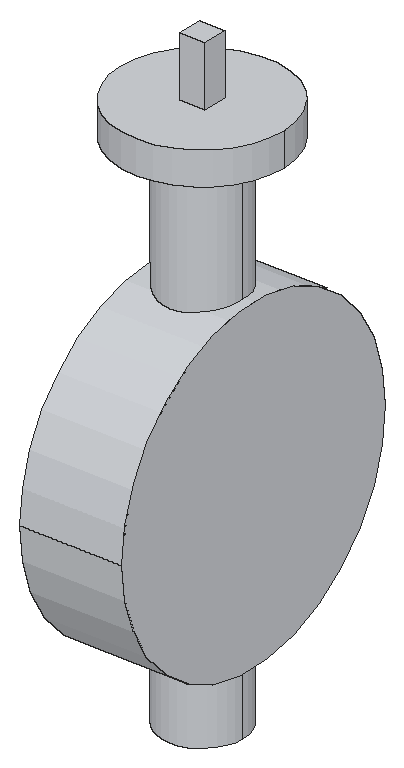
Revit family "HS497-67_disk-litina-volné vřeteno DN125-RFA_2018", category Pipe Accessories, Revit 2018
Family settings
  Round Connector Dimension = Use Diameter
  Part Type = Valve - Breaks Into
  Work Plane-Based = No
  Always vertical = Yes
  Cut with Voids When Loaded = No
  Shared = No
Parameters (values of type "HS 497-67_DN125_PN16_volné vřeteno")
  magiProductId = "0d813d910fc14f628bb3c2efbd185c"
  magiProductFamilyId = "53cea81e6f374d17b8841d9c72ad77"
  magiPartTypeId = 305
  isMeasuringValve [instance] = no
  ang2D [instance] = 0.00°
  X11 = 61.456 mm
  X1 = 25.456 mm
  W2D = 1000 mm
  VersionID = "2.0/2017.9.26.1/ZETKAMA_497_001"
  Use Minimum Symbol Size [instance] = yes
  URL = "http://www.hydronic.cz"
  Type Comments = "mezipřírubová; litinový disk; PN16; -10~+110°C (krátkodobě +120°C)"
  SW30 = no
  SW3 = no
  SW21 = no
  SW20 = no
  SW2 = no
  SW1 = yes
  R = 62.5 mm
  QmdConnectorList = "301;D;302;D"
  Productdata [instance] = ""
  NC = 50 mm
  Model = ""
  Manufacturer = "Hydronic Systems Prague s.r.o."
  MM20 = 25.456 mm
  MC Product Code = "123 125 (litinový disk, s volným vřetenem; DN125; PN16, kvs872)"
  M41 = 66 mm
  M4 = 44 mm
  LHL = 220 mm
  LHH3 = 2.45 mm
  LHH1 = 46.55 mm
  LH1 = 73.333 mm
  L4R__ve = -L4R  # -12.8 mm
  L4R = 12.8 mm
  L42__ve = -L42  # -96 mm
  L42 = 96 mm
  L41__ve = -L41  # -19.2 mm
  L41 = 19.2 mm
  L2D_Min = 3048 mm
  L2D = 216 mm
  L2 = 28 mm
  L1 = 44.8 mm
  L = 56 mm
  H = 33 mm
  G22 = 11.25 mm
  G2 = 22.5 mm
  G1 = 90 mm
  G = 90 mm
  F = 14 mm
  E44 = 31.25 mm
  E42 = 62.5 mm
  E4 = 125 mm
  E23 = 4.9 mm
  E22 = 19.6 mm
  E21 = 9.8 mm
  Description = "Mezipřírubová uzavírací klapka s volným vřetenem; litinový disk, DN125; PN16; kvs872"
  DR2 = 62.5 mm
  DR = 180 mm
  DD1 = 15.625 mm
  DD = 12.5 mm
  D = 125 mm
  CAT0 = yes
  B2__ve = -B2  # -64 mm
  B2 = 64 mm
  A2 = 18 mm
  A1 = 99.5 mm
Types (43, lengths in mm): name | magiProductId | X11 | X1 | Type Comments | SW30 | SW3 | SW20 | SW2 | SW1 | R | NC | MM20 | MC Product Code | M41 | M4 | LHL | LHH3 | LHH1 | LH1 | L4R__ve | L4R | L42__ve | L42 | L41__ve | L41 | L2 | L1 | L | H | G | F | E44 | E42 | E4 | E23 | E22 | E21 | Description | DR2 | DR | DD1 | DD | D | B2__ve | B2 | A2 | A1
  HS 497-67_DN100_PN16_volné vřeteno | "65d1b245f4f142c78569c0602d5754" | 61.456 | 25.456 | "mezipřírubová; litinový disk; PN16; -10~+110°C (krátkodobě +120°C)" | no | no | no | no | yes | 50 | 50 | 25.456 | "123 100 (litinový disk, s volným vřetenem; DN100; PN16, kvs512)" | 66 | 44 | 220 | 2.45 | 46.55 | 73.333 | -12.8 | 12.8 | -96 | 96 | -19.2 | 19.2 | 26 | 41.6 | 52 | 30 | 90 | 11 | 31.25 | 62.5 | 125 | 4.9 | 19.6 | 9.8 | "Mezipřírubová uzavírací klapka s volným vřetenem; litinový disk, DN100; PN16; kvs512" | 50 | 147 | 15.625 | 12.5 | 100 | -56 | 56 | 16.5 | 98.5
  HS 497-67_DN100_PN16_převodové kolo | "11e91b807e674d428c8e796fcdcfe2" | 61.456 | 25.456 | "mezipřírubová; litinový disk; PN16; -10~+110°C (krátkodobě +120°C)" | yes | yes | no | no | no | 50 | 50 | 25.456 | "125 100 (litinový disk, s převodovým kolem; DN100; PN16, kvs512)" | 65.25 | 43.5 | 220 | 2.45 | 46.55 | 73.333 | -12.8 | 12.8 | -96 | 96 | -19.2 | 19.2 | 26 | 41.6 | 52 | 30 | 90 | 11 | 31.25 | 62.5 | 125 | 4.9 | 19.6 | 9.8 | "Mezipřírubová uzavírací klapka s převodovým kolem; litinový disk, DN100; PN16; kvs512" | 50 | 147 | 15.625 | 12.5 | 100 | -56 | 56 | 16.5 | 98.5
  HS 497-67_DN100_PN16_s pákou | "28172f0b3f4b47b28323ac71cf8749" | 61.456 | 25.456 | "mezipřírubová; litinový disk; PN16; -10~+110°C (krátkodobě +120°C)" | no | no | yes | yes | no | 50 | 50 | 25.456 | "120 100 (litinový disk, s pákou; DN100; PN16, kvs512)" | 66 | 44 | 260 | 3 | 57 | 86.667 | -12.8 | 12.8 | -96 | 96 | -19.2 | 19.2 | 26 | 41.6 | 52 | 30 | 90 | 11 | 31.25 | 62.5 | 125 | 6 | 24 | 12 | "Mezipřírubová uzavírací klapka s pákou; litinový disk, DN100; PN16; kvs512" | 50 | 147 | 15.625 | 12.5 | 100 | -56 | 56 | 16.5 | 98.5
  HS 497-67_DN125_PN16_volné vřeteno | "0d813d910fc14f628bb3c2efbd185c" | 61.456 | 25.456 | "mezipřírubová; litinový disk; PN16; -10~+110°C (krátkodobě +120°C)" | no | no | no | no | yes | 62.5 | 50 | 25.456 | "123 125 (litinový disk, s volným vřetenem; DN125; PN16, kvs872)" | 66 | 44 | 220 | 2.45 | 46.55 | 73.333 | -12.8 | 12.8 | -96 | 96 | -19.2 | 19.2 | 28 | 44.8 | 56 | 33 | 90 | 14 | 31.25 | 62.5 | 125 | 4.9 | 19.6 | 9.8 | "Mezipřírubová uzavírací klapka s volným vřetenem; litinový disk, DN125; PN16; kvs872" | 62.5 | 180 | 15.625 | 12.5 | 125 | -64 | 64 | 18 | 99.5
  HS 497-67_DN125_PN16_převodové kolo | "c56b7c13f372467684996fb1e0e229" | 61.456 | 25.456 | "mezipřírubová; litinový disk; PN16; -10~+110°C (krátkodobě +120°C)" | yes | yes | no | no | no | 62.5 | 50 | 25.456 | "125 125 (litinový disk, s převodovým kolem; DN125; PN16, kvs872)" | 65.25 | 43.5 | 220 | 2.45 | 46.55 | 73.333 | -13.5 | 13.5 | -101.25 | 101.25 | -20.25 | 20.25 | 28 | 44.8 | 56 | 33 | 90 | 14 | 40 | 80 | 160 | 4.9 | 19.6 | 9.8 | "Mezipřírubová uzavírací klapka s převodovým kolem; litinový disk, DN125; PN16; kvs872" | 62.5 | 180 | 20 | 16 | 125 | -64 | 64 | 18 | 99.5
  HS 497-67_DN125_PN16_s pákou | "105993c79a91492399feef7931321a" | 61.456 | 25.456 | "mezipřírubová; litinový disk; PN16; -10~+110°C (krátkodobě +120°C)" | no | no | yes | yes | no | 62.5 | 50 | 25.456 | "120 125 (litinový disk, s pákou; DN125; PN16, kvs872)" | 66 | 44 | 315 | 3.75 | 71.25 | 105 | -12.8 | 12.8 | -96 | 96 | -19.2 | 19.2 | 28 | 44.8 | 56 | 33 | 90 | 14 | 31.25 | 62.5 | 125 | 7.5 | 30 | 15 | "Mezipřírubová uzavírací klapka s pákou; litinový disk, DN125; PN16; kvs872" | 62.5 | 180 | 15.625 | 12.5 | 125 | -64 | 64 | 18 | 99.5
  HS 497-67_DN150_PN16_volné vřeteno | "50c80cb8ab434f55ab7796e5ac1331" | 61.456 | 25.456 | "mezipřírubová; litinový disk; PN16; -10~+110°C (krátkodobě +120°C)" | no | no | no | no | yes | 75 | 50 | 25.456 | "123 150 (litinový disk, s volným vřetenem; DN150; PN16, kvs1347)" | 66 | 44 | 220 | 2.45 | 46.55 | 73.333 | -12.8 | 12.8 | -96 | 96 | -19.2 | 19.2 | 28 | 44.8 | 56 | 33 | 90 | 14 | 31.25 | 62.5 | 125 | 4.9 | 19.6 | 9.8 | "Mezipřírubová uzavírací klapka s volným vřetenem; litinový disk, DN150; PN16; kvs1347" | 75 | 206 | 15.625 | 12.5 | 150 | -58 | 58 | 19.3 | 98.7
  HS 497-67_DN150_PN16_převodové kolo | "d94a1a0cf83b476eb10011b327f709" | 61.456 | 25.456 | "mezipřírubová; litinový disk; PN16; -10~+110°C (krátkodobě +120°C)" | yes | yes | no | no | no | 75 | 50 | 25.456 | "125 150 (litinový disk, s převodovým kolem; DN150; PN16, kvs1347)" | 65.25 | 43.5 | 220 | 2.45 | 46.55 | 73.333 | -13.5 | 13.5 | -101.25 | 101.25 | -20.25 | 20.25 | 28 | 44.8 | 56 | 33 | 90 | 14 | 40 | 80 | 160 | 4.9 | 19.6 | 9.8 | "Mezipřírubová uzavírací klapka s převodovým kolem; litinový disk, DN150; PN16; kvs1347" | 75 | 206 | 20 | 16 | 150 | -58 | 58 | 19.3 | 98.7
  HS 497-67_DN150_PN16_s pákou | "4d2835523fe84828bc50ff0a5a0dfb" | 61.456 | 25.456 | "mezipřírubová; litinový disk; PN16; -10~+110°C (krátkodobě +120°C)" | no | no | yes | yes | no | 75 | 50 | 25.456 | "120 150 (litinový disk, s pákou; DN150; PN16, kvs1347)" | 66 | 44 | 315 | 3.75 | 71.25 | 105 | -12.8 | 12.8 | -96 | 96 | -19.2 | 19.2 | 28 | 44.8 | 56 | 33 | 90 | 14 | 31.25 | 62.5 | 125 | 7.5 | 30 | 15 | "Mezipřírubová uzavírací klapka s pákou; litinový disk, DN150; PN16; kvs1347" | 75 | 206 | 15.625 | 12.5 | 150 | -58 | 58 | 19.3 | 98.7
  HS 497-67_DN200_PN16_volné vřeteno | "5b29029eaeba47139ee1055a4b9201" | 61.456 | 25.456 | "mezipřírubová; litinový disk; PN16; -10~+110°C (krátkodobě +120°C)" | no | no | no | no | yes | 100 | 50 | 25.456 | "123 200 (litinový disk, s volným vřetenem; DN200; PN16, kvs2675)" | 66 | 44 | 220 | 2.45 | 46.55 | 73.333 | -12.8 | 12.8 | -96 | 96 | -19.2 | 19.2 | 30 | 48 | 60 | 33 | 90 | 17 | 31.25 | 62.5 | 125 | 4.9 | 19.6 | 9.8 | "Mezipřírubová uzavírací klapka s volným vřetenem; litinový disk, DN200; PN16; kvs2675" | 100 | 257 | 15.625 | 12.5 | 200 | -70 | 70 | 22.5 | 102.5
  HS 497-67_DN200_PN16_převodové kolo | "b2793cc1fcc44cf2a35062cd67c04f" | 61.456 | 25.456 | "mezipřírubová; litinový disk; PN16; -10~+110°C (krátkodobě +120°C)" | yes | yes | no | no | no | 100 | 57 | 25.456 | "125 200 (litinový disk, s převodovým kolem; DN200; PN16, kvs2675)" | 78.75 | 52.5 | 220 | 2.45 | 46.55 | 73.333 | -15.2 | 15.2 | -114 | 114 | -22.8 | 22.8 | 30 | 48 | 60 | 33 | 90 | 17 | 50 | 100 | 200 | 4.9 | 19.6 | 9.8 | "Mezipřírubová uzavírací klapka s převodovým kolem; litinový disk, DN200; PN16; kvs2675" | 100 | 257 | 25 | 20 | 200 | -70 | 70 | 22.5 | 102.5
  HS 497-67_DN200_PN16_s pákou | "f88d96c7af224537a51e72d7d8fffe" | 61.456 | 25.456 | "mezipřírubová; litinový disk; PN16; -10~+110°C (krátkodobě +120°C)" | no | no | yes | yes | no | 100 | 50 | 25.456 | "120 200 (litinový disk, s pákou; DN200; PN16, kvs2675)" | 66 | 44 | 315 | 3.75 | 71.25 | 105 | -12.8 | 12.8 | -96 | 96 | -19.2 | 19.2 | 30 | 48 | 60 | 33 | 90 | 17 | 31.25 | 62.5 | 125 | 7.5 | 30 | 15 | "Mezipřírubová uzavírací klapka s pákou; litinový disk, DN200; PN16; kvs2675" | 100 | 257 | 15.625 | 12.5 | 200 | -70 | 70 | 22.5 | 102.5
  HS 497-67_DN250_PN16_volné vřeteno | "b662e8305ca2402b9c510e66e6aa55" | 88.77 | 36.77 | "mezipřírubová; litinový disk; PN16; -10~+110°C (krátkodobě +120°C)" | no | no | no | no | yes | 125 | 50 | 36.77 | "123 250 (litinový disk, s volným vřetenem; DN250; PN16, kvs4555)" | 66 | 44 | 220 | 2.45 | 46.55 | 73.333 | -12.8 | 12.8 | -96 | 96 | -19.2 | 19.2 | 34 | 54.4 | 68 | 23 | 130 | 22 | 31.25 | 62.5 | 125 | 4.9 | 19.6 | 9.8 | "Mezipřírubová uzavírací klapka s volným vřetenem; litinový disk, DN250; PN16; kvs4555" | 125 | 324 | 15.625 | 12.5 | 250 | -85 | 85 | 28.25 | 129.25
  HS 497-67_DN250_PN16_převodové kolo | "5ee9016806664ddfaa2632711f295c" | 88.77 | 36.77 | "mezipřírubová; litinový disk; PN16; -10~+110°C (krátkodobě +120°C)" | yes | yes | no | no | no | 125 | 70 | 36.77 | "125 250 (litinový disk, s převodovým kolem; DN250; PN16, kvs4555)" | 91.5 | 61 | 220 | 2.45 | 46.55 | 73.333 | -22.2 | 22.2 | -166.5 | 166.5 | -33.3 | 33.3 | 34 | 54.4 | 68 | 23 | 130 | 22 | 62.5 | 125 | 250 | 4.9 | 19.6 | 9.8 | "Mezipřírubová uzavírací klapka s převodovým kolem; litinový disk, DN250; PN16; kvs4555" | 125 | 324 | 31.25 | 25 | 250 | -85 | 85 | 28.25 | 129.25
  HS 497-67_DN300_PN16_volné vřeteno | "e1886f51ff004380a649519258edf2" | 88.77 | 36.77 | "mezipřírubová; litinový disk; PN16; -10~+110°C (krátkodobě +120°C)" | no | no | no | no | yes | 150 | 50 | 36.77 | "123 300 (litinový disk, s volným vřetenem; DN300; PN16, kvs7037)" | 66 | 44 | 220 | 2.45 | 46.55 | 73.333 | -12.8 | 12.8 | -96 | 96 | -19.2 | 19.2 | 39 | 62.4 | 78 | 23 | 130 | 22 | 31.25 | 62.5 | 125 | 4.9 | 19.6 | 9.8 | "Mezipřírubová uzavírací klapka s volným vřetenem; litinový disk, DN300; PN16; kvs7037" | 150 | 376 | 15.625 | 12.5 | 300 | -90 | 90 | 30.8 | 127.2
  HS 497-67_DN300_PN16_převodové kolo | "6860f094f77d42088fbebc3c97f755" | 88.77 | 36.77 | "mezipřírubová; litinový disk; PN16; -10~+110°C (krátkodobě +120°C)" | yes | yes | no | no | no | 150 | 70 | 36.77 | "125 300 (litinový disk, s převodovým kolem; DN300; PN16, kvs7037)" | 91.5 | 61 | 220 | 2.45 | 46.55 | 73.333 | -22.2 | 22.2 | -166.5 | 166.5 | -33.3 | 33.3 | 39 | 62.4 | 78 | 23 | 130 | 22 | 62.5 | 125 | 250 | 4.9 | 19.6 | 9.8 | "Mezipřírubová uzavírací klapka s převodovým kolem; litinový disk, DN300; PN16; kvs7037" | 150 | 376 | 31.25 | 25 | 300 | -90 | 90 | 30.8 | 127.2
  HS 497-67_DN032_PN16_volné vřeteno | "8c5f65de52aa4067a77564107e31b2" | 61.456 | 25.456 | "mezipřírubová; litinový disk; PN16; -10~+110°C (krátkodobě +120°C)" | no | no | no | no | yes | 16 | 50 | 25.456 | "123 032 (litinový disk, s volným vřetenem; DN32; PN16, kvs78)" | 66 | 44 | 220 | 2.45 | 46.55 | 73.333 | -12.8 | 12.8 | -96 | 96 | -19.2 | 19.2 | 16.5 | 26.4 | 33 | 30 | 90 | 11 | 31.25 | 62.5 | 125 | 4.9 | 19.6 | 9.8 | "Mezipřírubová uzavírací klapka s volným vřetenem; litinový disk, DN32; PN16; kvs78" | 16 | 68 | 15.625 | 12.5 | 32 | -44.2 | 44.2 | 10.25 | 76.25
  HS 497-67_DN032_PN16_převodové kolo | "60aaeffa8b3a4e809ef000e4660060" | 61.456 | 25.456 | "mezipřírubová; litinový disk; PN16; -10~+110°C (krátkodobě +120°C)" | yes | yes | no | no | no | 16 | 50 | 25.456 | "125 032 (litinový disk, s převodovým kolem; DN32; PN16, kvs78)" | 65.25 | 43.5 | 220 | 2.45 | 46.55 | 73.333 | -12.8 | 12.8 | -96 | 96 | -19.2 | 19.2 | 16.5 | 26.4 | 33 | 30 | 90 | 11 | 31.25 | 62.5 | 125 | 4.9 | 19.6 | 9.8 | "Mezipřírubová uzavírací klapka s převodovým kolem; litinový disk, DN32; PN16; kvs78" | 16 | 68 | 15.625 | 12.5 | 32 | -44.2 | 44.2 | 10.25 | 76.25
  HS 497-67_DN032_PN16_s pákou | "9ad8088d610749a1b871aa2aad8007" | 61.456 | 25.456 | "mezipřírubová; litinový disk; PN16; -10~+110°C (krátkodobě +120°C)" | no | no | yes | yes | no | 16 | 50 | 25.456 | "120 032 (litinový disk, s pákou; DN32; PN16, kvs78)" | 66 | 44 | 220 | 2.45 | 46.55 | 73.333 | -12.8 | 12.8 | -96 | 96 | -19.2 | 19.2 | 16.5 | 26.4 | 33 | 30 | 90 | 11 | 31.25 | 62.5 | 125 | 4.9 | 19.6 | 9.8 | "Mezipřírubová uzavírací klapka s pákou; litinový disk, DN32; PN16; kvs78" | 16 | 68 | 15.625 | 12.5 | 32 | -44.2 | 44.2 | 10.25 | 76.25
  HS 497-67_DN350_PN10_volné vřeteno | "72a1e05f22944421b7e9596a877137" | 109.255 | 45.255 | "mezipřírubová; litinový disk; PN10; -10~+110°C (krátkodobě +120°C)" | no | no | no | no | yes | 175 | 50 | 45.255 | "123 350 (litinový disk, s volným vřetenem; DN350; PN10, kvs10165)" | 66 | 44 | 220 | 2.45 | 46.55 | 73.333 | -12.8 | 12.8 | -96 | 96 | -19.2 | 19.2 | 39 | 62.4 | 78 | 31 | 160 | 22 | 31.25 | 62.5 | 125 | 4.9 | 19.6 | 9.8 | "Mezipřírubová uzavírací klapka s volným vřetenem; litinový disk, DN350; PN10; kvs10165" | 175 | 430 | 15.625 | 12.5 | 350 | -88 | 88 | 33.85 | 129.65
  HS 497-67_DN350_PN10_převodové kolo | "a5a01426cb28494ba3afca92f1dace" | 109.255 | 45.255 | "mezipřírubová; litinový disk; PN10; -10~+110°C (krátkodobě +120°C)" | yes | yes | no | no | no | 175 | 70 | 45.255 | "125 350 (litinový disk, s převodovým kolem; DN350; PN10, kvs10165)" | 91.5 | 61 | 220 | 2.45 | 46.55 | 73.333 | -22.2 | 22.2 | -166.5 | 166.5 | -33.3 | 33.3 | 39 | 62.4 | 78 | 31 | 160 | 22 | 62.5 | 125 | 250 | 4.9 | 19.6 | 9.8 | "Mezipřírubová uzavírací klapka s převodovým kolem; litinový disk, DN350; PN10; kvs10165" | 175 | 430 | 31.25 | 25 | 350 | -88 | 88 | 33.85 | 129.65
  HS 497-67_DN400_PN10_volné vřeteno | "c70ebeb927c04ab99b176e257ad0a7" | 109.255 | 45.255 | "mezipřírubová; litinový disk; PN10; -10~+110°C (krátkodobě +120°C)" | no | no | no | no | yes | 200 | 50 | 45.255 | "123 400 (litinový disk, s volným vřetenem; DN400; PN10, kvs13799)" | 66 | 44 | 220 | 2.45 | 46.55 | 73.333 | -12.8 | 12.8 | -96 | 96 | -19.2 | 19.2 | 51 | 81.6 | 102 | 31 | 160 | 27 | 31.25 | 62.5 | 125 | 4.9 | 19.6 | 9.8 | "Mezipřírubová uzavírací klapka s volným vřetenem; litinový disk, DN400; PN10; kvs13799" | 200 | 485 | 15.625 | 12.5 | 400 | -108 | 108 | 38 | 142
  HS 497-67_DN400_PN10_převodové kolo | "cc64a4384dcb41b780d81810f4f293" | 109.255 | 45.255 | "mezipřírubová; litinový disk; PN10; -10~+110°C (krátkodobě +120°C)" | yes | yes | no | no | no | 200 | 72.5 | 45.255 | "125 400 (litinový disk, s převodovým kolem; DN400; PN10, kvs13799)" | 103.5 | 69 | 220 | 2.45 | 46.55 | 73.333 | -27.8 | 27.8 | -208.5 | 208.5 | -41.7 | 41.7 | 51 | 81.6 | 102 | 31 | 160 | 27 | 75 | 150 | 300 | 4.9 | 19.6 | 9.8 | "Mezipřírubová uzavírací klapka s převodovým kolem; litinový disk, DN400; PN10; kvs13799" | 200 | 485 | 37.5 | 30 | 400 | -108 | 108 | 38 | 142
  HS 497-67_DN040_PN16_volné vřeteno | "35f92312390745e88df5b5c325d9ee" | 61.456 | 25.456 | "mezipřírubová; litinový disk; PN16; -10~+110°C (krátkodobě +120°C)" | no | no | no | no | yes | 20 | 50 | 25.456 | "123 040 (litinový disk, s volným vřetenem; DN40; PN16, kvs78)" | 66 | 44 | 220 | 2.45 | 46.55 | 73.333 | -12.8 | 12.8 | -96 | 96 | -19.2 | 19.2 | 16.5 | 26.4 | 33 | 30 | 90 | 11 | 31.25 | 62.5 | 125 | 4.9 | 19.6 | 9.8 | "Mezipřírubová uzavírací klapka s volným vřetenem; litinový disk, DN40; PN16; kvs78" | 20 | 76 | 15.625 | 12.5 | 40 | -36 | 36 | 11 | 79
  HS 497-67_DN040_PN16_převodové kolo | "d88e968eae3445bc9b7b4e6ff35127" | 61.456 | 25.456 | "mezipřírubová; litinový disk; PN16; -10~+110°C (krátkodobě +120°C)" | yes | yes | no | no | no | 20 | 50 | 25.456 | "125 040 (litinový disk, s převodovým kolem; DN40; PN16, kvs78)" | 65.25 | 43.5 | 220 | 2.45 | 46.55 | 73.333 | -12.8 | 12.8 | -96 | 96 | -19.2 | 19.2 | 16.5 | 26.4 | 33 | 30 | 90 | 11 | 31.25 | 62.5 | 125 | 4.9 | 19.6 | 9.8 | "Mezipřírubová uzavírací klapka s převodovým kolem; litinový disk, DN40; PN16; kvs78" | 20 | 76 | 15.625 | 12.5 | 40 | -36 | 36 | 11 | 79
  HS 497-67_DN040_PN16_s pákou | "c1b522ca65b4407a98818f232eaacb" | 61.456 | 25.456 | "mezipřírubová; litinový disk; PN16; -10~+110°C (krátkodobě +120°C)" | no | no | yes | yes | no | 20 | 50 | 25.456 | "120 040 (litinový disk, s pákou; DN40; PN16, kvs78)" | 66 | 44 | 220 | 2.45 | 46.55 | 73.333 | -12.8 | 12.8 | -96 | 96 | -19.2 | 19.2 | 16.5 | 26.4 | 33 | 30 | 90 | 11 | 31.25 | 62.5 | 125 | 4.9 | 19.6 | 9.8 | "Mezipřírubová uzavírací klapka s pákou; litinový disk, DN40; PN16; kvs78" | 20 | 76 | 15.625 | 12.5 | 40 | -36 | 36 | 11 | 79
  HS 497-67_DN450_PN10_volné vřeteno | "a8358bc282f14872b3194e530e590a" | 129.74 | 53.74 | "mezipřírubová; litinový disk; PN10; -10~+110°C (krátkodobě +120°C)" | no | no | no | no | yes | 225 | 50 | 53.74 | "123 450 (litinový disk, s volným vřetenem; DN450; PN10, kvs18514)" | 66 | 44 | 220 | 2.45 | 46.55 | 73.333 | -12.8 | 12.8 | -96 | 96 | -19.2 | 19.2 | 57 | 91.2 | 114 | 38 | 190 | 36 | 31.25 | 62.5 | 125 | 4.9 | 19.6 | 9.8 | "Mezipřírubová uzavírací klapka s volným vřetenem; litinový disk, DN450; PN10; kvs18514" | 225 | 536 | 15.625 | 12.5 | 450 | -115 | 115 | 38.05 | 117.45
  HS 497-67_DN450_PN10_převodové kolo | "cdf2d80f54a9414f9cbe50647c0ebd" | 129.74 | 53.74 | "mezipřírubová; litinový disk; PN10; -10~+110°C (krátkodobě +120°C)" | yes | yes | no | no | no | 225 | 91.5 | 53.74 | "125 450 (litinový disk, s převodovým kolem; DN450; PN10, kvs18514)" | 144.75 | 96.5 | 220 | 2.45 | 46.55 | 73.333 | -32.1 | 32.1 | -240.75 | 240.75 | -48.15 | 48.15 | 57 | 91.2 | 114 | 38 | 190 | 36 | 100 | 200 | 400 | 4.9 | 19.6 | 9.8 | "Mezipřírubová uzavírací klapka s převodovým kolem; litinový disk, DN450; PN10; kvs18514" | 225 | 536 | 50 | 40 | 450 | -115 | 115 | 38.05 | 117.45
  HS 497-67_DN500_PN10_volné vřeteno | "8c396e27bb2743f98f3c762b6517cd" | 143.397 | 59.397 | "mezipřírubová; litinový disk; PN10; -10~+110°C (krátkodobě +120°C)" | no | no | no | no | yes | 250 | 50 | 59.397 | "123 500 (litinový disk, s volným vřetenem; DN500; PN10, kvs23805)" | 66 | 44 | 220 | 2.45 | 46.55 | 73.333 | -12.8 | 12.8 | -96 | 96 | -19.2 | 19.2 | 63.5 | 101.6 | 127 | 38 | 210 | 36 | 31.25 | 62.5 | 125 | 4.9 | 19.6 | 9.8 | "Mezipřírubová uzavírací klapka s volným vřetenem; litinový disk, DN500; PN10; kvs23805" | 250 | 593 | 15.625 | 12.5 | 500 | -130 | 130 | 43.25 | 139.25
  HS 497-67_DN500_PN10_převodové kolo | "7647804f32e94cef828a7034a91a46" | 143.397 | 59.397 | "mezipřírubová; litinový disk; PN10; -10~+110°C (krátkodobě +120°C)" | yes | yes | no | no | no | 250 | 91.5 | 59.397 | "125 500 (litinový disk, s převodovým kolem; DN500; PN10, kvs23805)" | 144.75 | 96.5 | 220 | 2.45 | 46.55 | 73.333 | -32.1 | 32.1 | -240.75 | 240.75 | -48.15 | 48.15 | 63.5 | 101.6 | 127 | 38 | 210 | 36 | 100 | 200 | 400 | 4.9 | 19.6 | 9.8 | "Mezipřírubová uzavírací klapka s převodovým kolem; litinový disk, DN500; PN10; kvs23805" | 250 | 593 | 50 | 40 | 500 | -130 | 130 | 43.25 | 139.25
  HS 497-67_DN050_volné vřeteno | "d71f296ecd6d4adf8f6e5d9853b4e0" | 61.456 | 25.456 | "mezipřírubová; litinový disk; PN16; -10~+110°C (krátkodobě +120°C)" | no | no | no | no | yes | 25 | 50 | 25.456 | "123 050 (litinový disk, s volným vřetenem; DN50; PN16, kvs98)" | 66 | 44 | 220 | 2.45 | 46.55 | 73.333 | -12.8 | 12.8 | -96 | 96 | -19.2 | 19.2 | 21.5 | 34.4 | 43 | 30 | 90 | 11 | 31.25 | 62.5 | 125 | 4.9 | 19.6 | 9.8 | "Mezipřírubová uzavírací klapka s volným vřetenem; litinový disk, DN50; PN16; kvs98" | 25 | 100 | 15.625 | 12.5 | 50 | -36.5 | 36.5 | 12 | 83
  HS 497-67_DN050_PN16_převodové kolo | "2fb080deeaed49c58418b94c1da5a4" | 61.456 | 25.456 | "mezipřírubová; litinový disk; PN16; -10~+110°C (krátkodobě +120°C)" | yes | yes | no | no | no | 25 | 50 | 25.456 | "125 050 (litinový disk, s převodovým kolem; DN50; PN16, kvs98)" | 65.25 | 43.5 | 220 | 2.45 | 46.55 | 73.333 | -12.8 | 12.8 | -96 | 96 | -19.2 | 19.2 | 21.5 | 34.4 | 43 | 30 | 90 | 11 | 31.25 | 62.5 | 125 | 4.9 | 19.6 | 9.8 | "Mezipřírubová uzavírací klapka s převodovým kolem; litinový disk, DN50; PN16; kvs98" | 25 | 100 | 15.625 | 12.5 | 50 | -36.5 | 36.5 | 12 | 83
  HS 497-67_DN050_PN16_s pákou | "dabc632061f94877a994b9b4e68112" | 61.456 | 25.456 | "mezipřírubová; litinový disk; PN16; -10~+110°C (krátkodobě +120°C)" | no | no | yes | yes | no | 25 | 50 | 25.456 | "120 050 (litinový disk, s pákou; DN50; PN16, kvs98)" | 66 | 44 | 220 | 2.45 | 46.55 | 73.333 | -12.8 | 12.8 | -96 | 96 | -19.2 | 19.2 | 21.5 | 34.4 | 43 | 30 | 90 | 11 | 31.25 | 62.5 | 125 | 4.9 | 19.6 | 9.8 | "Mezipřírubová uzavírací klapka s pákou; litinový disk, DN50; PN16; kvs98" | 25 | 100 | 15.625 | 12.5 | 50 | -36.5 | 36.5 | 12 | 83
  HS 497-67_DN600_PN10_volné vřeteno | "99d5892c14664fce81a7c5903f7711" | 143.397 | 59.397 | "mezipřírubová; litinový disk; PN10; -10~+110°C (krátkodobě +120°C)" | no | no | no | no | yes | 300 | 50 | 59.397 | "123 600 (litinový disk, s volným vřetenem; DN600; PN10, kvs36778)" | 66 | 44 | 220 | 2.45 | 46.55 | 73.333 | -12.8 | 12.8 | -96 | 96 | -19.2 | 19.2 | 77 | 123.2 | 154 | 80 | 210 | 60 | 31.25 | 62.5 | 125 | 4.9 | 19.6 | 9.8 | "Mezipřírubová uzavírací klapka s volným vřetenem; litinový disk, DN600; PN10; kvs36788" | 300 | 690 | 15.625 | 12.5 | 600 | -140 | 140 | 49.4 | 144.6
  HS 497-67_DN600_PN10_převodové kolo | "b1e26faab48a4c499f6bb11e7e3002" | 143.397 | 59.397 | "mezipřírubová; litinový disk; PN10; -10~+110°C (krátkodobě +120°C)" | yes | yes | no | no | no | 300 | 140 | 59.397 | "125 600 (litinový disk, s převodovým kolem; DN600; PN10, kvs36778)" | 206.25 | 137.5 | 220 | 2.45 | 46.55 | 73.333 | -40.8 | 40.8 | -306 | 306 | -61.2 | 61.2 | 77 | 123.2 | 154 | 80 | 210 | 60 | 125 | 250 | 500 | 4.9 | 19.6 | 9.8 | "Mezipřírubová uzavírací klapka s převodovým kolem; litinový disk, DN600; PN10; kvs36788" | 300 | 690 | 62.5 | 50 | 600 | -140 | 140 | 49.4 | 144.6
  HS 497-67_DN065_PN16_volné vřeteno | "5e5e208646e34ec29f889baab5d08e" | 61.456 | 25.456 | "mezipřírubová; litinový disk; PN16; -10~+110°C (krátkodobě +120°C)" | no | no | no | no | yes | 32.5 | 50 | 25.456 | "123 065 (litinový disk, s volným vřetenem; DN65; PN16, kvs167)" | 66 | 44 | 220 | 2.45 | 46.55 | 73.333 | -12.8 | 12.8 | -96 | 96 | -19.2 | 19.2 | 23 | 36.8 | 46 | 30 | 90 | 11 | 31.25 | 62.5 | 125 | 4.9 | 19.6 | 9.8 | "Mezipřírubová uzavírací klapka s volným vřetenem; litinový disk, DN65; PN16; kv167" | 32.5 | 108 | 15.625 | 12.5 | 65 | -36.5 | 36.5 | 13.5 | 89
  HS 497-67_DN065_PN16_převodové kolo | "654d74c8d15540b0bfe523d988ccb3" | 61.456 | 25.456 | "mezipřírubová; litinový disk; PN16; -10~+110°C (krátkodobě +120°C)" | yes | yes | no | no | no | 32.5 | 50 | 25.456 | "125 065 (litinový disk, s převodovým kolem; DN65; PN16, kvs167)" | 65.25 | 43.5 | 220 | 2.45 | 46.55 | 73.333 | -12.8 | 12.8 | -96 | 96 | -19.2 | 19.2 | 23 | 36.8 | 46 | 30 | 90 | 11 | 31.25 | 62.5 | 125 | 4.9 | 19.6 | 9.8 | "Mezipřírubová uzavírací klapka s převodovým kolem; litinový disk, DN65; PN16; kvs167" | 32.5 | 108 | 15.625 | 12.5 | 65 | -36.5 | 36.5 | 13.5 | 89
  HS 497-67_DN065_PN16_s pákou | "ebeb4b59db0641caaf6d6635ab37b9" | 61.456 | 25.456 | "mezipřírubová; litinový disk; PN16; -10~+110°C (krátkodobě +120°C)" | no | no | yes | yes | no | 32.5 | 50 | 25.456 | "120 065 (litinový disk, s pákou; DN65; PN16, kvs167)" | 66 | 44 | 220 | 2.45 | 46.55 | 73.333 | -12.8 | 12.8 | -96 | 96 | -19.2 | 19.2 | 23 | 36.8 | 46 | 30 | 90 | 11 | 31.25 | 62.5 | 125 | 4.9 | 19.6 | 9.8 | "Mezipřírubová uzavírací klapka s pákou; litinový disk, DN65; PN16; kvs167" | 32.5 | 108 | 15.625 | 12.5 | 65 | -36.5 | 36.5 | 13.5 | 89
  HS 497-67_DN080_PN16_volné vřeteno | "9e85c75c18654e1185a9c48ed6b00e" | 61.456 | 25.456 | "mezipřírubová; litinový disk; PN16; -10~+110°C (krátkodobě +120°C)" | no | no | no | no | yes | 40 | 50 | 25.456 | "123 080 (litinový disk, s volným vřetenem; DN80; PN16, kvs258)" | 66 | 44 | 220 | 2.45 | 46.55 | 73.333 | -12.8 | 12.8 | -96 | 96 | -19.2 | 19.2 | 23 | 36.8 | 46 | 30 | 90 | 11 | 31.25 | 62.5 | 125 | 4.9 | 19.6 | 9.8 | "Mezipřírubová uzavírací klapka s volným vřetenem; litinový disk, DN80; PN16; kvs258" | 40 | 124 | 15.625 | 12.5 | 80 | -54 | 54 | 14.1 | 86.9
  HS 497-67_DN080_PN16_převodové kolo | "5b3c8238c3d041e68c75b199e7ea46" | 61.456 | 25.456 | "mezipřírubová; litinový disk; PN16; -10~+110°C (krátkodobě +120°C)" | yes | yes | no | no | no | 40 | 50 | 25.456 | "125 080 (litinový disk, s převodovým kolem; DN80; PN16, kvs258)" | 65.25 | 43.5 | 220 | 2.45 | 46.55 | 73.333 | -12.8 | 12.8 | -96 | 96 | -19.2 | 19.2 | 23 | 36.8 | 46 | 30 | 90 | 11 | 31.25 | 62.5 | 125 | 4.9 | 19.6 | 9.8 | "Mezipřírubová uzavírací klapka s převodovým kolem; litinový disk, DN80; PN16; kvs258" | 40 | 124 | 15.625 | 12.5 | 80 | -54 | 54 | 14.1 | 86.9
  HS 497-67_DN080_PN16_s pákou | "e414795fab0f4eccb99bc3572c5477" | 61.456 | 25.456 | "mezipřírubová; litinový disk; PN16; -10~+110°C (krátkodobě +120°C)" | no | no | yes | yes | no | 40 | 50 | 25.456 | "120 080 (litinový disk, s pákou; DN80; PN16, kvs258)" | 66 | 44 | 260 | 3 | 57 | 86.667 | -12.8 | 12.8 | -96 | 96 | -19.2 | 19.2 | 23 | 36.8 | 46 | 30 | 90 | 11 | 31.25 | 62.5 | 125 | 6 | 24 | 12 | "Mezipřírubová uzavírací klapka s pákou; litinový disk, DN80; PN16; kvs258" | 40 | 124 | 15.625 | 12.5 | 80 | -54 | 54 | 14.1 | 86.9
  HS 497-67_DN250_PN16_s pákou | "" | 88.77 | 36.77 | "mezipřírubová; litinový disk; PN16; -10~+110°C (krátkodobě +120°C)" | no | no | yes | yes | no | 125 | 70 | 36.77 | "120 250 (litinový disk, s pákou; DN250; PN16, kvs4555)" | 91.5 | 61 | 220 | 2.45 | 46.55 | 73.333 | -22.2 | 22.2 | -166.5 | 166.5 | -33.3 | 33.3 | 34 | 54.4 | 68 | 23 | 130 | 22 | 62.5 | 125 | 250 | 4.9 | 19.6 | 9.8 | "Mezipřírubová uzavírací klapka s pákou; litinový disk, DN250; PN16; kvs4555" | 125 | 324 | 31.25 | 25 | 250 | -85 | 85 | 28.25 | 129.25
  HS 497-67_DN300_PN16_s pákou | "" | 88.77 | 36.77 | "mezipřírubová; litinový disk; PN16; -10~+110°C (krátkodobě +120°C)" | no | no | yes | yes | no | 150 | 70 | 36.77 | "120 300 (litinový disk, s pákou; DN300; PN16, kvs7037)" | 91.5 | 61 | 220 | 2.45 | 46.55 | 73.333 | -22.2 | 22.2 | -166.5 | 166.5 | -33.3 | 33.3 | 39 | 62.4 | 78 | 23 | 130 | 22 | 62.5 | 125 | 250 | 4.9 | 19.6 | 9.8 | "Mezipřírubová uzavírací klapka s pákou; litinový disk, DN300; PN16; kvs7037" | 150 | 376 | 31.25 | 25 | 300 | -90 | 90 | 30.8 | 127.2
Reference planes
  plane 1 "Center (Front/Back)": y = 0
  plane 2 "XYPLANE": z = 0
  plane 3 "Center (Left/Right)": x = 0
  plane 4 "473": x = -25.456
  plane 5 "472": x = -66
  plane 6 "471": y = -25.456
  plane 7 "470": y = 25.456
  plane 8 "469": x = -44
  plane 9 "468": y = -115.2
  plane 10 "467": y = -96
  plane 11 "466": z = 211.25
  plane 12 "465": z = 226.55
  plane 13 "464": y = 145.417
  plane 14 "463": z = 216.75
  plane 15 "462": z = 199.6
  plane 16 "461": z = 209.4
  plane 17 "460": y = 72.083
  plane 18 "459": x = -11.25
  plane 19 "458": x = 11.25
  plane 20 "457": y = -6.25
  plane 21 "456": x = -17.5
  plane 22 "455": x = 17.5
  plane 23 "454": z = 214.3
  plane 24 "453": y = 62.083
  plane 25 "452": y = -11.25
  plane 26 "451": x = -22.5
  plane 27 "450": x = 22.5
  plane 28 "449": z = 194.7
  plane 29 "448": z = 189.8
  plane 30 "447": z = -62.5
  plane 31 "446": z = 180
  plane 32 "445": z = 162
  plane 33 "444": z = 62.5
  plane 34 "443": x = 28
  plane 35 "442": x = -28
  plane 36 "441": z = 0
  plane 37 "440": y = 0
  plane 38 "439": x = 0
  plane 39 "438": z = 229
  plane 40 "437": z = 214.3
  plane 41 "436": x = 13.7
  plane 42 "435": x = -13.7
  plane 43 "434": y = 220
Forms (mm)
  Extrusion 1, solid, visible <- "SW3"
    sketch origin (-750, 0, 180) x (1, 0, 0) y (0, 1, 0)
      loop
        line (684, 25.456) -> (684, -25.456) -> (724.544, -25.456)
        arc (724.544, -25.456) -> (786, 0) -> (724.544, 25.456) r 36
        line (724.544, 25.456) -> (684, 25.456)
    from 0 to 62.5 <- "E42"
  Extrusion 2, solid, visible <- "SW30"
    sketch origin (0, -750, 0) x (0, 1, 0) y (0, 0, 1)
      loop
        circle (750, 211.25) r 7.813
    from 0 to 50 <- "NC"
  Extrusion 3, solid, visible <- "SW30"
    sketch origin (750, -115.2, 0) x (-1, 0, 0) y (0, 0, 1)
      loop
        circle (794, 211.25) r 62.5
    from 0 to -12.8 <- "L4R__ve"
  Extrusion 4, solid, visible <- "SW3"
    sketch origin (750, -96, 0) x (-1, 0, 0) y (0, 0, 1)
      loop
        circle (794, 211.25) r 7.813
    from 0 to -19.2 <- "L41__ve"
  Extrusion 5, solid, visible <- "SW30"
    sketch origin (750, 0, 0) x (-1, 0, 0) y (0, 0, 1)
      loop
        circle (794, 211.25) r 6.25
    from 0 to -96 <- "L42__ve"
  Blend 6, solid, visible <- "SW21"
    base sketch origin (750, 72.083, 0) x (-1, 0, 0) y (0, 0, 1)
      loop
        line (761.25, 209.4) -> (738.75, 209.4) -> (738.75, 199.6) -> (761.25, 199.6) -> (761.25, 209.4)
    top sketch origin (750, 72.083, 0) x (-1, 0, 0) y (0, 0, 1)
      loop
        line (761.25, 226.55) -> (738.75, 226.55) -> (738.75, 216.75) -> (761.25, 216.75) -> (761.25, 226.55)
    from 0 to 73.333
  Blend 7, solid, visible <- "SW21"
    base sketch origin (750, 62.083, 0) x (-1, 0, 0) y (0, 0, 1)
      loop
        line (761.25, 214.3) -> (738.75, 214.3) -> (738.75, 194.7) -> (761.25, 194.7) -> (761.25, 214.3)
    top sketch origin (750, 62.083, 0) x (-1, 0, 0) y (0, 0, 1)
      loop
        line (761.25, 209.4) -> (738.75, 209.4) -> (738.75, 199.6) -> (761.25, 199.6) -> (761.25, 209.4)
    from 0 to 10
  Blend 8, solid, visible <- "SW21"
    base sketch origin (-750, 0, 194.7) x (1, 0, 0) y (0, 1, 0)
      loop
        line (772.5, 62.083) -> (727.5, 62.083) -> (727.5, -11.25)
        arc (727.5, -11.25) -> (750, -31.25) -> (772.5, -11.25) r 22.656
        line (772.5, -11.25) -> (772.5, 62.083)
    top sketch origin (-750, 0, 194.7) x (1, 0, 0) y (0, 1, 0)
      loop
        line (767.5, 62.083) -> (732.5, 62.083) -> (732.5, -6.25)
        arc (732.5, -6.25) -> (750, -26.25) -> (767.5, -6.25) r 17.656
        line (767.5, -6.25) -> (767.5, 62.083)
    from 0 to 19.6
  Extrusion 9, solid, visible <- "SW2"
    sketch origin (-750, 0, 189.8) x (1, 0, 0) y (0, 1, 0)
      loop
        circle (750, 0) r 11.25
    from 0 to 4.9 <- "E23"
  Extrusion 10, solid, visible <- "SW2"
    sketch origin (-750, 0, 180) x (1, 0, 0) y (0, 1, 0)
      loop
        circle (750, 0) r 45
    from 0 to 9.8 <- "E21"
  Extrusion 11, solid, visible <- "CAT0"
    sketch origin (-750, 0, -62.5) x (1, 0, 0) y (0, 1, 0)
      loop
        circle (750, 0) r 22.4
    from 0 to -64 <- "B2__ve"
  Extrusion 12, solid, visible <- "CAT0"
    sketch origin (-750, 0, 162) x (1, 0, 0) y (0, 1, 0)
      loop
        circle (750, 0) r 45
    from 0 to 18 <- "A2"
  Extrusion 13, solid, visible <- "CAT0"
    sketch origin (-750, 0, 62.5) x (1, 0, 0) y (0, 1, 0)
      loop
        circle (750, 0) r 22.4
    from 0 to 99.5 <- "A1"
  Extrusion 14, solid, visible <- "CAT0"
    sketch origin (-28, -750, 0) x (0, 1, 0) y (0, 0, 1)
      loop
        circle (750, 0) r 90
    from 0 to 56 <- "L"
  Extrusion 15, solid, visible <- "SW1"
    sketch origin (-750, 0, 180) x (1, 0, 0) y (0, 1, 0)
      loop
        line (757, 7) -> (743, 7) -> (743, -7) -> (757, -7) -> (757, 7)
    from 0 to 33 <- "H"
  Blend 16, solid, visible <- "SW2"
    base sketch origin (750, 145.417, 0) x (-1, 0, 0) y (0, 0, 1)
      loop
        arc (763.7, 224) -> (762.236, 227.536) -> (758.7, 229) r 5
        line (758.7, 229) -> (741.3, 229)
        arc (741.3, 229) -> (737.764, 227.536) -> (736.3, 224) r 5
        line (736.3, 224) -> (736.3, 219.3)
        arc (736.3, 219.3) -> (737.764, 215.764) -> (741.3, 214.3) r 5
        line (741.3, 214.3) -> (758.7, 214.3)
        arc (758.7, 214.3) -> (762.236, 215.764) -> (763.7, 219.3) r 5
        line (763.7, 219.3) -> (763.7, 224)
    top sketch origin (750, 145.417, 0) x (-1, 0, 0) y (0, 0, 1)
      loop
        arc (763.7, 224) -> (762.236, 227.536) -> (758.7, 229) r 5
        line (758.7, 229) -> (741.3, 229)
        arc (741.3, 229) -> (737.764, 227.536) -> (736.3, 224) r 5
        line (736.3, 224) -> (736.3, 219.3)
        arc (736.3, 219.3) -> (737.764, 215.764) -> (741.3, 214.3) r 5
        line (741.3, 214.3) -> (758.7, 214.3)
        arc (758.7, 214.3) -> (762.236, 215.764) -> (763.7, 219.3) r 5
        line (763.7, 219.3) -> (763.7, 224)
    from 0 to 74.583
  Blend 17, solid, visible <- "SW20"
    base sketch origin (750, 145.417, 0) x (-1, 0, 0) y (0, 0, 1)
      loop
        line (763.7, 229) -> (736.3, 229) -> (736.3, 214.3) -> (763.7, 214.3) -> (763.7, 229)
    top sketch origin (750, 145.417, 0) x (-1, 0, 0) y (0, 0, 1)
      loop
        line (761.25, 214.3) -> (738.75, 214.3) -> (738.75, 194.7) -> (761.25, 194.7) -> (761.25, 214.3)
    from 0 to -83.333
  Extrusion 18, solid, visible <- "SW20"
    sketch origin (-750, 0, 194.7) x (1, 0, 0) y (0, 1, 0)
      loop
        line (772.5, 62.083) -> (727.5, 62.083) -> (727.5, -11.25)
        arc (727.5, -11.25) -> (750, -31.25) -> (772.5, -11.25) r 22.656
        line (772.5, -11.25) -> (772.5, 62.083)
    from 0 to 19.6 <- "E22"
  Extrusion 19, solid, not visible
    sketch origin (-28, -750, 0) x (0, 1, 0) y (0, 0, 1)
      loop
        circle (750, 0) r 10
    from 0 to 10
  Extrusion 20, solid, not visible
    sketch origin (28, -750, 0) x (0, 1, 0) y (0, 0, 1)
      loop
        circle (750, 0) r 10
    from 0 to -10
Lines and regions (mm)
  reference lines, not visible
    curve 1: circle (2, 2, 0) r 1 normal (0, 0, 1)
  reference lines
    curve 2: line (-25.456, -25.456, 180) -> (-25.456, 25.456, 180)
    curve 3: line (-17.5, -6.25, 194.7) -> (17.5, -6.25, 194.7)
    curve 4: line (-22.5, -11.25, 194.7) -> (22.5, -11.25, 194.7)
    curve 5: circle (0, 0, 180) r 1 normal (0, 0, 1)
    curve 6: line (-22.5, -11.25, 194.7) -> (22.5, -11.25, 194.7)
Dimensions and locks
  plane 1 "Center (Front/Back)" to curve 1 = 2 mm
  "X1": plane 3 "Center (Left/Right)" to plane 4 "473"
  "M41": plane 3 "Center (Left/Right)" to plane 5 "472"
  "MM20": plane 1 "Center (Front/Back)" to plane 6 "471"
  "MM20": plane 1 "Center (Front/Back)" to plane 7 "470"
  "M4": plane 3 "Center (Left/Right)" to plane 8 "469"
  "L41": plane 10 "467" to plane 9 "468"
  "L42": plane 1 "Center (Front/Back)" to plane 10 "467"
  "E44": plane 31 "446" to plane 11 "466"
  "LHH1": plane 31 "446" to plane 12 "465"
  "LH1": plane 17 "460" to plane 13 "464"
  "E21": plane 12 "465" to plane 14 "463"
  "E21": plane 16 "461" to plane 15 "462"
  "E23": plane 23 "454" to plane 16 "461"
  locked: plane 24 "453" to plane 17 "460" at 10
  "G22": plane 3 "Center (Left/Right)" to plane 18 "459"
  "G22": plane 3 "Center (Left/Right)" to plane 19 "458"
  locked: plane 25 "452" to plane 20 "457" at 5
  locked: plane 26 "451" to plane 21 "456" at 5
  locked: plane 27 "450" to plane 22 "455" at 5
  "E22": plane 28 "449" to plane 23 "454"
  "LH1": plane 25 "452" to plane 24 "453"
  "G22": plane 1 "Center (Front/Back)" to plane 25 "452"
  "G2": plane 3 "Center (Left/Right)" to plane 26 "451"
  "G2": plane 3 "Center (Left/Right)" to plane 27 "450"
  "E23": plane 29 "448" to plane 28 "449"
  "E21": plane 31 "446" to plane 29 "448"
  "R": plane 2 "XYPLANE" to plane 30 "447"
  "A2": plane 32 "445" to plane 31 "446"
  "A1": plane 33 "444" to plane 32 "445"
  "DR2": plane 2 "XYPLANE" to plane 33 "444"
  "L2": plane 3 "Center (Left/Right)" to plane 34 "443"
  "L2": plane 3 "Center (Left/Right)" to plane 35 "442"
  locked: plane 2 "XYPLANE" to plane 36 "441"
  locked: plane 1 "Center (Front/Back)" to plane 37 "440"
  locked: plane 3 "Center (Left/Right)" to plane 38 "439"
  "LHH3": plane 12 "465" to plane 39 "438"
  "LHH3": plane 14 "463" to plane 40 "437"
  "LHH3": plane 19 "458" to plane 41 "436"
  "LHH3": plane 18 "459" to plane 42 "435"
  "LHL": plane 1 "Center (Front/Back)" to plane 43 "434"
  "X11": curve 2 to Extrusion 1 sketch curve
  Extrusion 1 sketch curve to Extrusion 1 sketch curve = 0 mm  (x8)
  Blend 6 sketch curve to Blend 6 sketch curve = 0 mm  (x16)
  Blend 7 sketch curve to Blend 7 sketch curve = 0 mm  (x16)
  Blend 8 sketch curve to Blend 8 sketch curve = 0 mm  (x16)
  equal spacing: Extrusion 15 sketch curve, curve 5, Extrusion 15 sketch curve  (x2)
  "F": Extrusion 15 sketch curve to Extrusion 15 sketch curve  (x2)
  Blend 16 sketch curve to Blend 16 sketch curve = 0 mm  (x32)
  Blend 17 sketch curve to Blend 17 sketch curve = 0 mm  (x16)
  Extrusion 18 sketch curve to Extrusion 18 sketch curve = 0 mm  (x8)
  "DD1": diameter of Extrusion 2 sketch curve
  "E4": diameter of Extrusion 3 sketch curve
  "DD1": diameter of Extrusion 4 sketch curve
  "DD": diameter of Extrusion 5 sketch curve
  "G2": diameter of Extrusion 9 sketch curve
  "G1": diameter of Extrusion 10 sketch curve
  "L1": diameter of Extrusion 11 sketch curve
  "G": diameter of Extrusion 12 sketch curve
  "L1": diameter of Extrusion 13 sketch curve
  "DR": diameter of Extrusion 14 sketch curve
  radius of Blend 16 sketch curve = 5 mm  (x8)
  aligned and locked: level to plane 2 "XYPLANE"
  aligned and locked: Extrusion 1 sketch curve to plane 5 "472"
  aligned and locked: plane 7 "470" to Extrusion 1 sketch curve
  aligned and locked: plane 6 "471" to Extrusion 1 sketch curve
  aligned and locked: plane 5 "472" to Extrusion 1 sketch curve
  aligned and locked: plane 4 "473" to Extrusion 1 sketch curve  (x2)
  aligned and locked: plane 4 "473" to curve 2
  aligned and locked: plane 6 "471" to curve 2
  aligned and locked: plane 7 "470" to curve 2
  aligned and locked: Extrusion 1 sketch curve to plane 7 "470"
  aligned and locked: plane 11 "466" to Extrusion 2 sketch curve
  aligned and locked: plane 37 "440" to Extrusion 2 sketch curve
  aligned and locked: plane 8 "469" to Extrusion 3 sketch curve
  aligned and locked: plane 11 "466" to Extrusion 3 sketch curve
  aligned and locked: plane 8 "469" to Extrusion 4 sketch curve
  aligned and locked: plane 11 "466" to Extrusion 4 sketch curve
  aligned and locked: plane 8 "469" to Extrusion 5 sketch curve
  aligned and locked: plane 11 "466" to Extrusion 5 sketch curve
  aligned and locked: plane 12 "465" to Blend 6 sketch curve  (x2)
  aligned and locked: plane 18 "459" to Blend 6 sketch curve  (x4)
  aligned and locked: plane 19 "458" to Blend 6 sketch curve  (x4)
  aligned and locked: plane 14 "463" to Blend 6 sketch curve  (x2)
  aligned and locked: plane 16 "461" to Blend 6 sketch curve  (x2)
  aligned and locked: plane 15 "462" to Blend 6 sketch curve  (x2)
  aligned and locked: plane 13 "464" to Blend 6
  aligned and locked: plane 16 "461" to Blend 7 sketch curve  (x2)
  aligned and locked: plane 18 "459" to Blend 7 sketch curve  (x4)
  aligned and locked: plane 19 "458" to Blend 7 sketch curve  (x4)
  aligned and locked: plane 15 "462" to Blend 7 sketch curve  (x2)
  aligned and locked: plane 23 "454" to Blend 7 sketch curve  (x2)
  aligned and locked: plane 28 "449" to Blend 7 sketch curve  (x2)
  aligned and locked: plane 17 "460" to Blend 7
  aligned and locked: plane 24 "453" to Blend 8 sketch curve  (x4)
  aligned and locked: plane 22 "455" to Blend 8 sketch curve  (x2)
  aligned and locked: plane 21 "456" to Blend 8 sketch curve
  aligned and locked: plane 20 "457" to Blend 8 sketch curve  (x2)
  aligned and locked: curve 3 to plane 20 "457"
  aligned and locked: plane 21 "456" to curve 3
  aligned and locked: plane 22 "455" to curve 3
  aligned and locked: plane 27 "450" to Blend 8 sketch curve  (x2)
  aligned and locked: plane 26 "451" to Blend 8 sketch curve
  aligned and locked: plane 25 "452" to Blend 8 sketch curve  (x2)
  aligned and locked: curve 4 to plane 25 "452"
  aligned and locked: plane 26 "451" to curve 4
  aligned and locked: plane 27 "450" to curve 4
  aligned and locked: plane 23 "454" to Blend 8
  aligned and locked: plane 37 "440" to Extrusion 9 sketch curve
  aligned and locked: plane 38 "439" to Extrusion 9 sketch curve
  aligned and locked: plane 37 "440" to Extrusion 10 sketch curve
  aligned and locked: plane 38 "439" to Extrusion 10 sketch curve
  aligned and locked: plane 37 "440" to Extrusion 11 sketch curve
  aligned and locked: plane 38 "439" to Extrusion 11 sketch curve
  aligned and locked: plane 37 "440" to Extrusion 12 sketch curve
  aligned and locked: plane 38 "439" to Extrusion 12 sketch curve
  aligned and locked: plane 37 "440" to Extrusion 13 sketch curve
  aligned and locked: plane 38 "439" to Extrusion 13 sketch curve
  aligned and locked: plane 36 "441" to Extrusion 14 sketch curve
  aligned and locked: Extrusion 14 sketch curve to plane 37 "440"
  aligned and locked: plane 37 "440" to curve 5
  aligned and locked: plane 38 "439" to curve 5
  aligned and locked: plane 39 "438" to Blend 16 sketch curve  (x2)
  aligned and locked: plane 41 "436" to Blend 16 sketch curve  (x2)
  aligned and locked: Blend 16 sketch curve to plane 40 "437"  (x2)
  aligned and locked: Blend 16 sketch curve to plane 42 "435"  (x2)
  aligned and locked: plane 43 "434" to Blend 16
  aligned and locked: plane 23 "454" to Blend 17 sketch curve  (x2)
  aligned and locked: plane 18 "459" to Blend 17 sketch curve  (x2)
  aligned and locked: plane 19 "458" to Blend 17 sketch curve  (x2)
  aligned and locked: plane 28 "449" to Blend 17 sketch curve  (x2)
  aligned and locked: plane 39 "438" to Blend 17 sketch curve  (x2)
  aligned and locked: plane 42 "435" to Blend 17 sketch curve  (x2)
  aligned and locked: plane 41 "436" to Blend 17 sketch curve  (x2)
  aligned and locked: plane 40 "437" to Blend 17 sketch curve  (x2)
  aligned and locked: Blend 17 to plane 24 "453"
  aligned and locked: plane 24 "453" to Extrusion 18 sketch curve  (x2)
  aligned and locked: plane 27 "450" to Extrusion 18 sketch curve  (x2)
  aligned and locked: plane 26 "451" to Extrusion 18 sketch curve
  aligned and locked: plane 25 "452" to Extrusion 18 sketch curve  (x2)
  aligned and locked: curve 6 to plane 25 "452"
  aligned and locked: plane 26 "451" to curve 6
  aligned and locked: plane 27 "450" to curve 6
  aligned and locked: plane 36 "441" to Extrusion 19 sketch curve
  aligned and locked: Extrusion 19 sketch curve to plane 37 "440"
  aligned and locked: plane 36 "441" to Extrusion 20 sketch curve
  aligned and locked: Extrusion 20 sketch curve to plane 37 "440"
Automatic sketch dimensions
  Blend 8 sketch curve to plane 20 "457" = 2.344 mm  (x2)
  Extrusion 18 sketch curve to plane 20 "457" = 2.344 mm
  plane 25 "452" to Extrusion 19 sketch curve = 1.25 mm
  plane 25 "452" to Extrusion 20 sketch curve = 1.25 mm
  plane 3 "Center (Left/Right)" to curve 1 = 2 mm
  Extrusion 15 sketch curve to plane 3 "Center (Left/Right)" = 7 mm
  Extrusion 15 sketch curve to plane 20 "457" = 0.75 mm
  radius of curve 5 = 1 mm
  radius of curve 1 = 1 mm
Connectors
  piping at (-28, 0, 0), diameter 125, driven by "D"
    settings: on Extrusion 19, index 1, connector inside diameter 609.6 mm, connector length 0 mm, flow factor 0, pipe flow 0.0 L/s, pressure drop 0.0 Pa, fitting loss kfactor 0, connector angle 0.00°, fixture units 0, engagement length 0 mm, angle of deflection 0.00°, flow configuration 0, flow direction 0, fitting loss method 0, system type 29, joint type 0, gender type 0, connector reference index 2, connector utility 0, adjustable connector no, is connector primary yes, connector description ""
  piping at (28, 0, 0), diameter 125, driven by "D"
    settings: on Extrusion 20, index 2, connector inside diameter 609.6 mm, connector length 0 mm, flow factor 0, pipe flow 0.0 L/s, pressure drop 0.0 Pa, fitting loss kfactor 0, connector angle 0.00°, fixture units 0, engagement length 0 mm, angle of deflection 0.00°, flow configuration 0, flow direction 0, fitting loss method 0, system type 29, joint type 0, gender type 0, connector reference index 1, connector utility 0, adjustable connector no, is connector primary no, connector description ""
